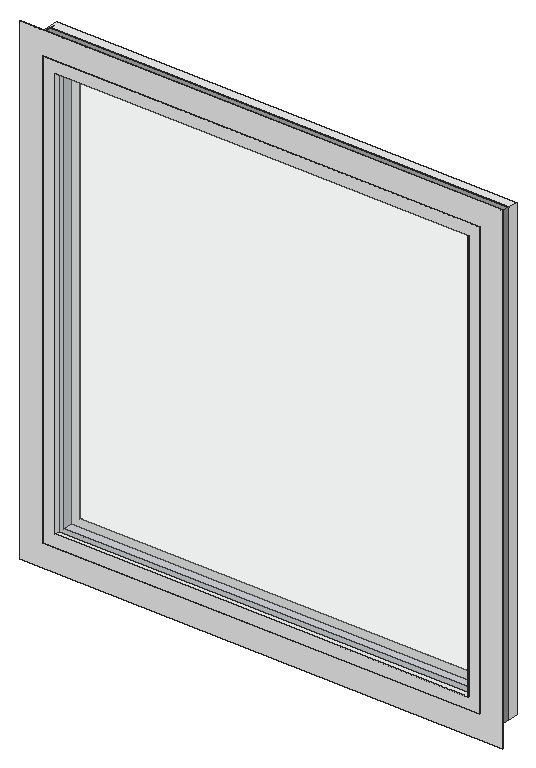
Revit family "Edge_TB42_E_Top_Hung_Standard", category Windows, host Wall, Revit 2014
Parameters (values of type "Casement_Sash_DG")
  Width Sash [instance] = 30 mm
  Width Sash Inner = 15 mm
  Width Bead = 15 mm
  Top Hung [instance] = yes
  Thermal Break Material = Rubber, Black
  Thermal Break Length = 16 mm
  Side Hung Right [instance] = yes
  Side Hung Left [instance] = yes
  Sash Opening Width [instance] = 600 mm
  Sash Opening Height [instance] = 600 mm
  Sash Lip = 15 mm
  Sash Leg [instance] = (Depth Sash - Thermal Break Length) / 2  # 13 mm
  SG Bead Leg = 6.683 mm
  Glazing Material [instance] = Glass
  Glazing Offset = 5 mm
  DG Start Piece 2 [instance] = DG End Piece 1 + DG Gasket Thickness  # 24.158 mm
  DG Start Peice 1 [instance] = ((Depth Sash - (2 * DG Glazing Thickness) - DG Gasket Thickness) / 2) - (SG Bead Leg - Aluminium Thickness) / 2  # 5.758 mm
  DG Glazing Thickness [instance] = 6.4 mm
  DG Gasket Thickness = 12 mm  # constant formula
  DG Gasket Material [instance] = none
  Depth Sash [instance] = 42 mm
  DG End Piece 2 [instance] = DG Start Piece 2 + DG Glazing Thickness  # 30.558 mm
  DG End Piece 1 [instance] = DG Start Peice 1 + DG Glazing Thickness  # 12.158 mm
  Center Vertical Sash [instance] = Sash Opening Height / 2  # 300 mm
  Center Horizontal Sash [instance] = Sash Opening Width / 2  # 300 mm
  Bottom Hung [instance] = yes
  Bead Offset = 15 mm
  Aluminium Thickness = 1 mm
  Aluminium Material [instance] = White Powder Coated Aluminium
Reference planes
  plane 1 "Center (Front/Back)": y = 0
  plane 2: z = 0
  plane 3 "Center (Left/Right)": x = 0
Forms (mm)
  Sweep 1, solid, material "White Powder Coated Aluminium" <- "Aluminium Material"
    path origin (16.177, 0, 121.331) x (1, 0, 0) y (0, 0, 1)
      loop
        line (0, 0) -> (600, 0) -> (600, 600) -> (0, 600) -> (0, 0)
    profile origin (316.177, 0, 121.331) x (0, 0, 1) y (0, -1, 0)
      loop
        line (0, 0) -> (30, 0) -> (30, 1) -> (15, 1) -> (15, 13) -> (14, 13) -> (14, 1) -> (1, 1) -> (1, 13) -> (0, 13) -> (0, 0)
      loop
        line (15, 42) -> (-15, 42) -> (-15, 41) -> (0, 41) -> (0, 29) -> (1, 29) -> (1, 41) -> (14, 41) -> (14, 29) -> (15, 29) -> (15, 42)
  Sweep 2, solid, material "White Powder Coated Aluminium" <- "Aluminium Material"
    path origin (0, 0, 0) x (1, 0, 0) y (0, 0, 1)
      loop
        line (31.177, 706.331) -> (31.177, 136.331) -> (601.177, 136.331) -> (601.177, 706.331) -> (31.177, 706.331)
    profile origin (316.177, 0, 706.331) x (0, 0, 1) y (0, -1, 0)
      loop
        line (0, 41) -> (0, 42) -> (-15, 42) -> (-15, 35.317) -> (-14, 35.317) -> (-14, 41) -> (0, 41)
  Extrusion 3, solid, material "Glass" <- "Glazing Material"
    sketch origin (0, 0, 0) x (1, 0, 0) y (0, 0, 1)
      loop
        line (36.177, 701.331) -> (36.177, 141.331) -> (596.177, 141.331) -> (596.177, 701.331) -> (36.177, 701.331)
    from 5.758 <- "DG Start Peice 1" to 12.158 <- "DG End Piece 1"
  Extrusion 4, solid, material "Glass" <- "Glazing Material"
    sketch origin (0, 0, 0) x (1, 0, 0) y (0, 0, 1)
      loop
        line (36.177, 701.331) -> (36.177, 141.331) -> (596.177, 141.331) -> (596.177, 701.331) -> (36.177, 701.331)
    from 30.558 <- "DG End Piece 2" to 24.158 <- "DG Start Piece 2"
  Sweep 5, solid, material <- "DG Gasket Material"
    path origin (0, -12.158, 0) x (1, 0, 0) y (0, 0, 1)
      loop
        line (36.177, 701.331) -> (36.177, 141.331) -> (596.177, 141.331) -> (596.177, 701.331) -> (36.177, 701.331)
    profile origin (316.177, -12.158, 701.331) x (0, 0, 1) y (0, -1, 0)
      loop
        line (0, 0) -> (0, 12) -> (-7.96, 12) -> (-7.96, 0) -> (0, 0)
  Sweep 6, solid, material "Rubber, Black" <- "Thermal Break Material"
    path origin (16.177, -13, 121.331) x (1, 0, 0) y (0, 0, 1)
      loop
        line (-15, 615) -> (-15, -15) -> (615, -15) -> (615, 615) -> (-15, 615)
    profile origin (316.177, -13, 736.331) x (0, 0, 1) y (0, -1, 0)
      loop
        line (-15, 16) -> (-16, 16) -> (-16, 0) -> (-15, 0) -> (-15, 16)
      loop
        line (-29, 16) -> (-30, 16) -> (-30, 0) -> (-29, 0) -> (-29, 16)
Lines and regions (mm)
  model lines
    curve 1: line (1.177, -42, 736.331) -> (31.177, -42, 706.331)
    curve 2: line (601.177, -42, 706.331) -> (631.177, -42, 736.331)
    curve 3: line (601.177, -42, 136.331) -> (631.177, -42, 106.331)
    curve 4: line (1.177, -42, 106.331) -> (31.177, -42, 136.331)
    curve 5: line (631.177, -41, 736.331) -> (616.177, -41, 721.331)
    curve 6: line (1.177, -41, 736.331) -> (16.177, -41, 721.331)
    curve 7: line (1.177, -41, 106.331) -> (16.177, -41, 121.331)
    curve 8: line (631.177, -41, 106.331) -> (616.177, -41, 121.331)
    curve 9: line (616.177, 0, 121.331) -> (586.177, 0, 151.331)
    curve 10: line (46.177, 0, 151.331) -> (16.177, 0, 121.331)
    curve 11: line (616.177, 0, 721.331) -> (586.177, 0, 691.331)
    curve 12: line (46.177, 0, 691.331) -> (16.177, 0, 721.331)
    curve 13: line (31.177, -42, 691.331) -> (46.177, -42, 691.331)
    curve 14: line (586.177, -42, 691.331) -> (601.177, -42, 691.331)
    curve 15: line (586.177, -42, 151.331) -> (601.177, -42, 151.331)
    curve 16: line (31.177, -42, 151.331) -> (46.177, -42, 151.331)
  model lines, style "GenericModelHiddenLines", visible <- "Top Hung"
    curve 17: line (46.386, -30.558, 690.602) -> (316.177, -30.558, 151.331)
    curve 18: line (316.177, -30.558, 151.331) -> (586.177, -30.558, 691.018)
  model lines, style "GenericModelHiddenLines", visible <- "Bottom Hung"
    curve 19: line (46.177, -30.558, 151.331) -> (316.177, -30.558, 691.018)
    curve 20: line (316.177, -30.558, 691.018) -> (586.177, -30.558, 151.331)
  model lines, style "GenericModelHiddenLines", visible <- "Side Hung Left"
    curve 21: line (46.386, -30.558, 690.602) -> (585.24, -30.558, 421.331)
    curve 22: line (585.24, -30.558, 421.331) -> (46.177, -30.558, 151.331)
  model lines, style "GenericModelHiddenLines", visible <- "Side Hung Right"
    curve 23: line (586.177, -30.558, 691.018) -> (46.177, -30.558, 421.331)
    curve 24: line (46.177, -30.558, 421.331) -> (586.177, -30.558, 151.331)
Dimensions and locks
  "Aluminium Thickness": Sweep 1 sketch curve to Sweep 1 sketch curve  (x6)
  "Depth Sash": Sweep 1 sketch curve to Sweep 1 sketch curve
  "Sash Opening Width": Sweep 1 to Sweep 1
  "Sash Opening Height": Sweep 1 to Sweep 1
  "Width Sash": Sweep 1 sketch curve to Sweep 1 sketch curve  (x2)
  "Width Sash Inner": Sweep 1 sketch curve to Sweep 1 sketch curve
  "Sash Lip": Sweep 1 sketch curve to Sweep 1 sketch curve
  "Glazing Offset": Sweep 2 to Extrusion 3 sketch curve  (x3)
  "Glazing Offset": Extrusion 3 sketch curve to Sweep 2
  Sweep 1 to Sweep 1 = 1 mm
  "Width Bead": Sweep 2 sketch curve to Sweep 2 sketch curve
  locked: Sweep 5 sketch curve to Sweep 5 sketch curve at 7.96
  "Center Horizontal Sash": Sweep 1 to curve 18
  "Center Horizontal Sash": Sweep 1 to curve 20
  "Center Vertical Sash": Sweep 1 to curve 22
  "Center Vertical Sash": Sweep 1 to curve 24
  "Sash Leg": Sweep 1 sketch curve to Sweep 1 sketch curve
  "Aluminium Thickness": Sweep 2 sketch curve to Sweep 2 sketch curve  (x2)
  "SG Bead Leg": Sweep 2 sketch curve to Sweep 2 sketch curve
  aligned and locked: level to plane 2
  aligned and locked: Sweep 1 sketch curve to Sweep 1 sketch curve  (x3)
  aligned and locked: Sweep 2 sketch curve to Sweep 1  (x4)
  aligned and locked: Sweep 1 to Sweep 2 sketch curve  (x2)
  aligned and locked: Extrusion 4 sketch curve to Extrusion 3  (x4)
  aligned and locked: Sweep 5 sketch curve to Extrusion 3  (x5)
  aligned and locked: Extrusion 3 to Sweep 5 sketch curve
  aligned and locked: Sweep 6 sketch curve to Sweep 1  (x10)
  aligned and locked: Sweep 1 to Sweep 6 sketch curve  (x2)
Automatic sketch dimensions
  plane 3 "Center (Left/Right)" to Sweep 1 sketch curve = 16.177 mm
  level to Sweep 1 sketch curve = 121.331 mm
  plane 3 "Center (Left/Right)" to Sweep 1 sketch curve = 616.177 mm
  level to Sweep 1 sketch curve = 721.331 mm
  profile plane to Sweep 5 sketch curve = 12 mm
  curve 7 to Sweep 1 = 0 mm  (x4)
  curve 6 to Sweep 1 = 0 mm  (x3)
  Sweep 1 to curve 6 = 0 mm
  curve 5 to Sweep 1 = 0 mm  (x3)
  curve 8 to Sweep 1 = 0 mm  (x4)
  Sweep 1 to curve 5 = 0 mm
  curve 16 to Sweep 2 = 0 mm  (x3)
  curve 13 to Sweep 2 = 0 mm  (x3)
  curve 15 to Sweep 2 = 0 mm
  Sweep 2 to curve 15 = 0 mm  (x2)
  curve 14 to Sweep 2 = 0 mm  (x2)
  Sweep 2 to curve 14 = 0 mm
  curve 1 to Sweep 1 = 0 mm  (x4)
  curve 4 to Sweep 1 = 0 mm  (x4)
  curve 2 to Sweep 1 = 0 mm  (x4)
  curve 3 to Sweep 1 = 0 mm  (x2)
  Sweep 1 to curve 3 = 0 mm  (x2)
  curve 10 to Sweep 1 = 0 mm  (x4)
  curve 12 to Sweep 1 = 0 mm  (x2)
  Sweep 1 to curve 12 = 0 mm  (x2)
  curve 11 to Sweep 1 = 0 mm  (x4)
  curve 9 to Sweep 1 = 0 mm  (x4)
  profile plane to Sweep 1 sketch curve = 0 mm  (x2)
  Sweep 1 sketch curve to plane 1 "Center (Front/Back)" = 0 mm
  Sweep 1 sketch curve to Sweep 1 sketch curve = 13 mm
  Sweep 1 sketch curve to Sweep 1 sketch curve = 12 mm  (x2)
  curve 21 to Extrusion 4 = 10.208 mm
  curve 19 to Extrusion 4 = 10 mm
  curve 23 to Extrusion 4 = 10 mm  (x2)
  curve 22 to Extrusion 4 = 10.937 mm
  curve 20 to Extrusion 4 = 10 mm
  curve 24 to Extrusion 4 = 10 mm
  curve 22 to Extrusion 4 = 10 mm
  curve 18 to Extrusion 4 = 10 mm
  curve 21 to Extrusion 4 = 10.729 mm
  curve 19 to Extrusion 4 = 10.312 mm
  curve 18 to Extrusion 4 = 10.312 mm
Types in the file's own list only (6): name | Windload Design | Width Sash Opening | Width Sash | Width Profile | Width Fixed Pane RHS | Width Fixed Pane Bottom LHS | Width Panel 1 | Width | URL | Offset Window Exterior | Max System DG Unit Thickness | Max System DG One Piece Thickness | Max Pane Area | Limit Fixed Pane Width Min | Limit Fixed Pane Width Max | Limit Fixed Pane Height Min | Limit Fixed Pane Height Max | Intruderprufe U Value | Intruderprufe SHGC Value | Intruderprufe LowE U Value | Intruderprufe LowE SHGC Value | Intruderprufe Insulated U Value | Intruderprufe Insulated SHGC Value | Intruderprufe Insulated LowE U Value | Intruderprufe Insulated LowE SHGC Value | Height | Has Stiffener Cap | Energy Advantage U Value | Energy Advantage SHGC Value | DG Thickness Calc | Custom Window Width | Custom Window Height | Window Exterior Offset | Custom Windload | Custom Sash Width | Custom Sash Height | Sash Spacing Inner | Sash Overlap | Sash Center Offset | SG Gasket Thickness | Offset Sash Left | Offset Sash Top | Offset Panel 4 Left | Offset Panel 3 Bead Top | Offset Mullion Left | Offset Transom Top | Offset Bead SG Center Reversed | Model | Manufacturer | Limit Window Width Min | Limit Window Width Max | Limit Window Height Min | Limit Window Height Max | Limit Sash Width Min | Limit Sash Width Max | Limit Sash Height Min | Limit Sash Height Max | Length Transom | Length Mullion | Height Sash Opening | Height Sash | Height Fixed Pane RHS | Height Fixed Pane Bottom LHS | Height Panel 1 | Description | Depth Mullion | Frame Center Offset | Depth Bead | Default Sill Height | Wall Closure | DG Gasket Finish | DG Extrusion Start | Mullion Depth Windload Based | Clearvue U Value | Clearvue SHGC Value | Clearvue Insulated U Value | Clearvue Insulated SHGC Value | Clearvue Insulated LowE U Value | Clearvue Insulated LowE SHGC Value | Casement Dimension | Bottom Hung | Bead SG Gap | Area Pane Right | Area Pane Left Top | Area Pane Left Bottom
  EDGE-1209T-1000Pa | 1000 mm | 554 mm | 524 mm | 30 mm | 560 mm | 540 mm | 540 mm | 1190 mm | "http://www.crealco.co.za/crealco-products.php" | 21 mm | 25 mm | 6 mm | 0.45 m² | 200 mm | 1500 mm | 200 mm | 1800 mm | 6.37 | 0.631 | 4.86 | 0.566 | 3.67 | 0.561 | 3.09 | 0.509 | 890 mm | No | 4.85 | 0.607 | 4 mm | 1190 mm | 890 mm | 0 mm | 1000 mm | 554 mm | 554 mm | 8 mm | 7 mm | 18 mm | 6 mm | 23 mm | 23 mm | 600 mm | 600 mm | 570 mm | 570 mm | 21 mm | "Edge" | "Crealco" | 830 mm | 2130 mm | 830 mm | 1860 mm | 300 mm | 1500 mm | 300 mm | 1200 mm | 540 mm | 890 mm | 554 mm | 524 mm | 830 mm | 260 mm | 539 mm | "Thermal break casement windows (42mm), Type E top hung" | 0 mm | 21 mm | 28 mm | 800 mm | By host | Double Glazing Gasket Material | 11 mm | 0 mm | 6.49 | 0.678 | 3.71 | 0.613 | 3.14 | 0.558 | 42 mm | No | 13 mm | 0.45 m² | 0.23 m² | 0.13 m²
  EDGE-1509T-1000Pa | 1000 mm | 554 mm | 524 mm | 30 mm | 860 mm | 540 mm | 540 mm | 1490 mm | "http://www.crealco.co.za/crealco-products.php" | 21 mm | 25 mm | 6 mm | 0.70 m² | 200 mm | 1500 mm | 200 mm | 1800 mm | 6.73 | 0.705 | 5 | 0.63 | 3.76 | 0.625 | 3.1 | 0.565 | 890 mm | No | 5 | 0.676 | 4 mm | 1490 mm | 890 mm | 0 mm | 1000 mm | 554 mm | 554 mm | 8 mm | 7 mm | 18 mm | 6 mm | 23 mm | 23 mm | 600 mm | 600 mm | 570 mm | 570 mm | 21 mm | "Edge" | "Crealco" | 830 mm | 2130 mm | 830 mm | 1860 mm | 300 mm | 1500 mm | 300 mm | 1200 mm | 540 mm | 890 mm | 554 mm | 524 mm | 830 mm | 260 mm | 539 mm | "Thermal break casement windows (42mm), Type E top hung" | 0 mm | 21 mm | 28 mm | 800 mm | By host | Double Glazing Gasket Material | 11 mm | 0 mm | 6.85 | 0.756 | 3.81 | 0.681 | 3.16 | 0.62 | 42 mm | No | 13 mm | 0.70 m² | 0.23 m² | 0.13 m²
  EDGE-1209T-1500Pa | 1500 mm | 554 mm | 524 mm | 30 mm | 560 mm | 540 mm | 540 mm | 1190 mm | "http://www.crealco.co.za/crealco-products.php" | 21 mm | 25 mm | 6 mm | 0.45 m² | 200 mm | 1500 mm | 200 mm | 1800 mm | 6.37 | 0.631 | 4.86 | 0.566 | 3.67 | 0.561 | 3.09 | 0.509 | 890 mm | No | 4.85 | 0.607 | 4 mm | 1190 mm | 890 mm | 0 mm | 1500 mm | 554 mm | 554 mm | 8 mm | 7 mm | 18 mm | 6 mm | 23 mm | 23 mm | 600 mm | 600 mm | 570 mm | 570 mm | 21 mm | "Edge" | "Crealco" | 830 mm | 2130 mm | 830 mm | 1860 mm | 300 mm | 1500 mm | 300 mm | 1200 mm | 540 mm | 890 mm | 554 mm | 524 mm | 830 mm | 260 mm | 539 mm | "Thermal break casement windows (42mm), Type E top hung" | 0 mm | 21 mm | 28 mm | 800 mm | By host | Double Glazing Gasket Material | 11 mm | 0 mm | 6.49 | 0.678 | 3.71 | 0.613 | 3.14 | 0.558 | 42 mm | No | 13 mm | 0.45 m² | 0.23 m² | 0.13 m²
  EDGE-1209T-2000Pa | 2000 mm | 554 mm | 524 mm | 30 mm | 560 mm | 540 mm | 540 mm | 1190 mm | "http://www.crealco.co.za/crealco-products.php" | 21 mm | 25 mm | 6 mm | 0.45 m² | 200 mm | 1500 mm | 200 mm | 1800 mm | 6.37 | 0.631 | 4.86 | 0.566 | 3.67 | 0.561 | 3.09 | 0.509 | 890 mm | No | 4.85 | 0.607 | 4 mm | 1190 mm | 890 mm | 0 mm | 2000 mm | 554 mm | 554 mm | 8 mm | 7 mm | 18 mm | 6 mm | 23 mm | 23 mm | 600 mm | 600 mm | 570 mm | 570 mm | 21 mm | "Edge" | "Crealco" | 830 mm | 2130 mm | 830 mm | 1860 mm | 300 mm | 1500 mm | 300 mm | 1200 mm | 540 mm | 890 mm | 554 mm | 524 mm | 830 mm | 260 mm | 539 mm | "Thermal break casement windows (42mm), Type E top hung" | 0 mm | 21 mm | 28 mm | 800 mm | By host | Double Glazing Gasket Material | 11 mm | 0 mm | 6.49 | 0.678 | 3.71 | 0.613 | 3.14 | 0.558 | 42 mm | No | 13 mm | 0.45 m² | 0.23 m² | 0.13 m²
  EDGE-1509T-1500Pa | 1500 mm | 554 mm | 524 mm | 30 mm | 860 mm | 540 mm | 540 mm | 1490 mm | "http://www.crealco.co.za/crealco-products.php" | 21 mm | 25 mm | 6 mm | 0.70 m² | 200 mm | 1500 mm | 200 mm | 1800 mm | 6.73 | 0.705 | 5 | 0.63 | 3.76 | 0.625 | 3.1 | 0.565 | 890 mm | No | 5 | 0.676 | 4 mm | 1490 mm | 890 mm | 0 mm | 1500 mm | 554 mm | 554 mm | 8 mm | 7 mm | 18 mm | 6 mm | 23 mm | 23 mm | 600 mm | 600 mm | 570 mm | 570 mm | 21 mm | "Edge" | "Crealco" | 830 mm | 2130 mm | 830 mm | 1860 mm | 300 mm | 1500 mm | 300 mm | 1200 mm | 540 mm | 890 mm | 554 mm | 524 mm | 830 mm | 260 mm | 539 mm | "Thermal break casement windows (42mm), Type E top hung" | 0 mm | 21 mm | 28 mm | 800 mm | By host | Double Glazing Gasket Material | 11 mm | 0 mm | 6.85 | 0.756 | 3.81 | 0.681 | 3.16 | 0.62 | 42 mm | No | 13 mm | 0.70 m² | 0.23 m² | 0.13 m²
  EDGE-1509T-2000Pa | 2000 mm | 554 mm | 524 mm | 30 mm | 860 mm | 540 mm | 540 mm | 1490 mm | "http://www.crealco.co.za/crealco-products.php" | 21 mm | 25 mm | 6 mm | 0.70 m² | 200 mm | 1500 mm | 200 mm | 1800 mm | 6.73 | 0.705 | 5 | 0.63 | 3.76 | 0.625 | 3.1 | 0.565 | 890 mm | No | 5 | 0.676 | 4 mm | 1490 mm | 890 mm | 0 mm | 2000 mm | 554 mm | 554 mm | 8 mm | 7 mm | 18 mm | 6 mm | 23 mm | 23 mm | 600 mm | 600 mm | 570 mm | 570 mm | 21 mm | "Edge" | "Crealco" | 830 mm | 2130 mm | 830 mm | 1860 mm | 300 mm | 1500 mm | 300 mm | 1200 mm | 540 mm | 890 mm | 554 mm | 524 mm | 830 mm | 260 mm | 539 mm | "Thermal break casement windows (42mm), Type E top hung" | 0 mm | 21 mm | 28 mm | 800 mm | By host | Double Glazing Gasket Material | 11 mm | 0 mm | 6.85 | 0.756 | 3.81 | 0.681 | 3.16 | 0.62 | 42 mm | No | 13 mm | 0.70 m² | 0.23 m² | 0.13 m²
